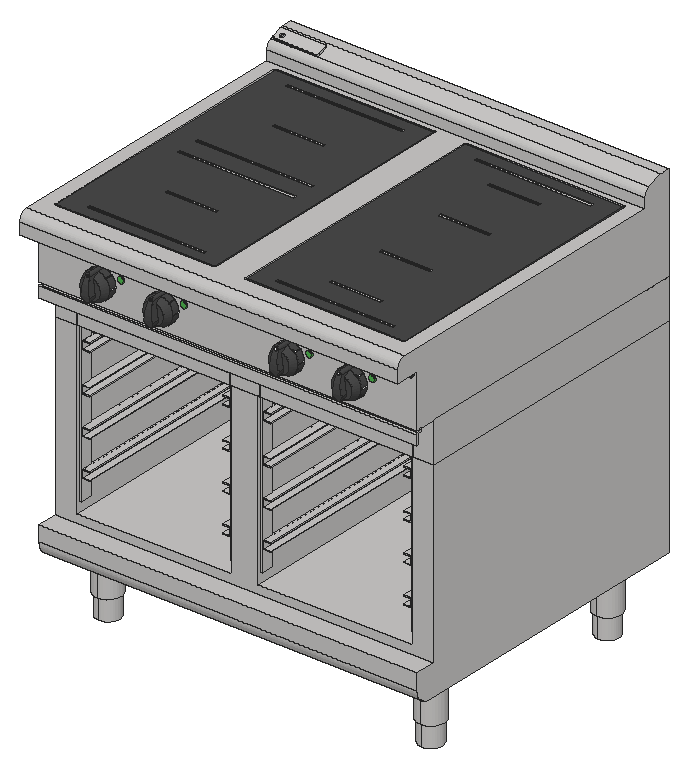
Revit family "QF_Moffat_INL8400R5F-CB_Induction Cooktop_cat", category Specialty Equipment, Revit 2019
Family settings
  Round Connector Dimension = Use Diameter
  Part Type = Normal
  Work Plane-Based = No
  Always vertical = Yes
  Cut with Voids When Loaded = No
  Shared = No
  Room Calculation Point = No
Parameters (values of type "IN511F-B")
  Weight in Kilograms = 105
  Watts = 20 W
  Volts = 400 V
  URL Cutsheet = ""
  Specification by User = ""
  Specification by Manufacturer = ""
  Show Logo [instance] = yes
  Serial Number = ""
  Seismic Rating = ""
  SMACNA No = ""
  Revision Code = ""
  Phase = 3
  Number of Poles = 1
  NAFEM Spec ID Number = ""
  Model = "INL8400R5F-CB"
  Min Ckt Ampacity = 0 A
  Max Overcurrent Protection = 0 A
  Masterspec = ""
  Manufacturer = "Moffat"
  Length = 900 mm
  Item Number = ""
  Installed By = ""
  Identify Quantity as Lot = yes
  Height = 970 mm
  HP = ""
  Furnished By = ""
  Foodservice Equipment Identifier = yes
  FL Amps = 28 A
  Electrical Remarks = ""
  Electric Connection Type = ""
  Elec Conn RI Height = 0 mm
  Elec Conn Connection Height = 0 mm
  Description = "Induction Cooktop"
  Depth = 805 mm
  Cycle = 50 Hz
  Conn Plug = ""
  Conn Conduit = yes
  CSI MasterFormat = ""
  Apparent Power = if(Phase = 3, Volts * FL Amps * 1.73, Volts * FL Amps)  # 19376 VA
Reference planes
  plane 1 "BACK": y = 0
  plane 2: z = 0
  plane 3 "LEFT": x = 0
  plane 4 "RIGHT": x = 900
  plane 5 "FRONT": y = -805
  plane 6 "TOP": z = 970
  plane 7 "Center Y": x = 450
  plane 8 "Center X": y = -402.5
  plane 9: x = 65.5
  plane 10: x = 834.5
  plane 11: y = -30
  plane 12: z = 150
  plane 13: y = -100
  plane 14: y = -625
  plane 15: y = -70
  plane 16: z = 915
  plane 17: x = 770
Forms (mm)
  Extrusion 1, solid, material "QF_Metal_Stainless_Polished"
    sketch origin (0, 0, 560) x (0, 1, 0) y (0, 0, 1)
      loop
        line (0, 180) -> (0, 410) -> (-24.305, 410) -> (-57.632, 395.853)
        arc (-57.632, 395.853) -> (-66.628, 388.372) -> (-70, 377.167) r 20.3
        line (-70, 377.167) -> (-70, 355) -> (-784.417, 355)
        arc (-784.417, 355) -> (-798.971, 348.971) -> (-805, 334.417) r 20.583
        line (-805, 334.417) -> (-805, 305) -> (-749, 305) -> (-749, 180) -> (0, 180)
    from 0 to 900
  Extrusion 2, void
    sketch origin (0, -784.171, 915) x (0, 1, 0) y (-1, 0, 0)
      loop
        arc (699.341, -37.323) -> (697.584, -33.08) -> (693.341, -31.323) r 6
        line (693.341, -31.323) -> (45.245, -31.323)
        arc (45.245, -31.323) -> (41.002, -33.08) -> (39.245, -37.323) r 6
        line (39.245, -37.323) -> (39.245, -410.105)
        arc (39.245, -410.105) -> (41.002, -414.347) -> (45.245, -416.105) r 6
        line (45.245, -416.105) -> (693.341, -416.105)
        arc (693.341, -416.105) -> (697.584, -414.347) -> (699.341, -410.105) r 6
        line (699.341, -410.105) -> (699.341, -37.323)
      loop
        line (699.341, -862.677) -> (699.341, -489.895)
        arc (699.341, -489.895) -> (697.584, -485.653) -> (693.341, -483.895) r 6
        line (693.341, -483.895) -> (45.245, -483.895)
        arc (45.245, -483.895) -> (41.002, -485.653) -> (39.245, -489.895) r 6
        line (39.245, -489.895) -> (39.245, -862.677)
        arc (39.245, -862.677) -> (41.002, -866.92) -> (45.245, -868.677) r 6
        line (45.245, -868.677) -> (693.341, -868.677)
        arc (693.341, -868.677) -> (697.584, -866.92) -> (699.341, -862.677) r 6
    from 0 to -9.5
  Extrusion 3, solid, material "QF_Plastic_Black_Smooth"
    sketch origin (0, -784.171, 915) x (0, 1, 0) y (-1, 0, 0)
      loop
        line (695.341, -410.105) -> (695.341, -37.323)
        arc (695.341, -37.323) -> (694.755, -35.908) -> (693.341, -35.323) r 2
        line (693.341, -35.323) -> (45.245, -35.323)
        arc (45.245, -35.323) -> (43.831, -35.908) -> (43.245, -37.323) r 2
        line (43.245, -37.323) -> (43.245, -410.105)
        arc (43.245, -410.105) -> (43.831, -411.519) -> (45.245, -412.105) r 2
        line (45.245, -412.105) -> (693.341, -412.105)
        arc (693.341, -412.105) -> (694.755, -411.519) -> (695.341, -410.105) r 2
      loop
        line (667.194, -86.598) -> (661.194, -86.598) -> (661.194, -363.75) -> (667.194, -363.75) -> (667.194, -86.598)
      loop
        line (526.611, -163.924) -> (526.611, -283.924) -> (532.611, -283.924) -> (532.611, -163.924) -> (526.611, -163.924)
      loop
        line (398.444, -86.598) -> (392.444, -86.598) -> (392.444, -363.75) -> (398.444, -363.75) -> (398.444, -86.598)
      loop
        line (345.944, -86.598) -> (339.944, -86.598) -> (339.944, -363.75) -> (345.944, -363.75) -> (345.944, -86.598)
      loop
        line (206.611, -163.924) -> (206.611, -283.924) -> (212.611, -283.924) -> (212.611, -163.924) -> (206.611, -163.924)
      loop
        line (77.194, -86.598) -> (71.194, -86.598) -> (71.194, -363.75) -> (77.194, -363.75) -> (77.194, -86.598)
      loop
        arc (695.341, -489.895) -> (694.755, -488.481) -> (693.341, -487.895) r 2
        line (693.341, -487.895) -> (45.245, -487.895)
        arc (45.245, -487.895) -> (43.831, -488.481) -> (43.245, -489.895) r 2
        line (43.245, -489.895) -> (43.245, -862.677)
        arc (43.245, -862.677) -> (43.831, -864.092) -> (45.245, -864.677) r 2
        line (45.245, -864.677) -> (693.341, -864.677)
        arc (693.341, -864.677) -> (694.755, -864.092) -> (695.341, -862.677) r 2
        line (695.341, -862.677) -> (695.341, -489.895)
      loop
        line (667.194, -813.402) -> (667.194, -536.25) -> (661.194, -536.25) -> (661.194, -813.402) -> (667.194, -813.402)
      loop
        line (601.611, -736.076) -> (607.611, -736.076) -> (607.611, -616.076) -> (601.611, -616.076) -> (601.611, -736.076)
      loop
        line (279.111, -736.076) -> (285.111, -736.076) -> (285.111, -616.076) -> (279.111, -616.076) -> (279.111, -736.076)
      loop
        line (77.194, -813.402) -> (77.194, -536.25) -> (71.194, -536.25) -> (71.194, -813.402) -> (77.194, -813.402)
      loop
        line (454.501, -736.076) -> (460.501, -736.076) -> (460.501, -616.076) -> (454.501, -616.076) -> (454.501, -736.076)
      loop
        line (131.211, -736.076) -> (137.211, -736.076) -> (137.211, -616.076) -> (131.211, -616.076) -> (131.211, -736.076)
    from 0 to -9.5
  Extrusion 4, solid, material "QF_Metal_Stainless_Polished"
    sketch origin (0, 0, 600) x (0, 1, 0) y (0, 0, 1)
      loop
        line (-739.467, 140) -> (-738.192, 134.838)
        arc (-738.192, 134.838) -> (-738.307, 134.302) -> (-738.799, 134.063) r 0.625
        line (-738.799, 134.063) -> (-746.111, 134.063)
        arc (-746.111, 134.063) -> (-748.011, 133.276) -> (-748.797, 131.377) r 2.686
        line (-748.797, 131.377) -> (-748.797, 107.627) -> (-747.197, 107.627) -> (-747.197, 131.242)
        arc (-747.197, 131.242) -> (-746.84, 132.105) -> (-745.976, 132.463) r 1.221
        line (-745.976, 132.463) -> (-738.755, 132.463)
        arc (-738.755, 132.463) -> (-737.028, 133.304) -> (-736.625, 135.182) r 2.194
        line (-736.625, 135.182) -> (-737.815, 140) -> (-739.467, 140)
    from 0 to 900
  Extrusion 5, solid, material "QF_Plastic_Black_Smooth"
    sketch origin (0, -749, 741.875) x (0, 0, 1) y (-1, 0, 0)
      loop
        circle (112.843, -13.157) r 5
      loop
        circle (112.843, -886.843) r 5
    from 0 to 1.6
  Extrusion 6, solid, material "QF_Metal_Stainless_Polished"
    sketch origin (450, -699, 645) x (0, 1, 0) y (1, 0, 0)
      loop
        circle (669, 320) r 6.35
    from 0 to 10
  Extrusion 7, solid, material "QF_Metal_Stainless_Polished"
    sketch origin (0, -699, 645) x (1, 0, 0) y (0, -1, 0)
      loop
        line (0, -699) -> (900, -699) -> (900, 0) -> (849.2, 0) -> (849.2, -25.4) -> (485.8, -25.4) -> (485.8, 0) -> (414.2, 0) -> (414.2, -25.4) -> (50.8, -25.4) -> (50.8, 0) -> (0, 0) -> (0, -699)
    from 0 to -95
  Extrusion 8, solid, material "QF_Metal_Stainless_Polished"
    sketch origin (50.8, -30, 645) x (0, 1, 0) y (0, 0, 1)
      loop
        line (-669, 0) -> (-643.6, 0) -> (-643.6, 26.45) -> (-669, 26.45) -> (-669, 0)
      loop
        line (-669, 32.45) -> (-643.6, 32.45) -> (-643.6, 66.4) -> (-669, 66.4) -> (-669, 32.45)
      loop
        line (-669, 67.4) -> (-643.6, 67.4) -> (-643.6, 95) -> (-669, 95) -> (-669, 67.4)
    from 0 to 363.4
  Extrusion 9, solid, material "QF_Metal_Stainless_Polished"
    sketch origin (900, 0, 560) x (-1, 0, 0) y (0, -1, 0)
      loop
        line (536.25, 122.976) -> (536.25, 116.976) -> (813.402, 116.976) -> (813.402, 122.976) -> (536.25, 122.976)
      loop
        line (736.076, 251.56) -> (736.076, 257.56) -> (616.076, 257.56) -> (616.076, 251.56) -> (736.076, 251.56)
      loop
        line (813.402, 385.726) -> (813.402, 391.726) -> (536.25, 391.726) -> (536.25, 385.726) -> (813.402, 385.726)
      loop
        line (813.402, 438.226) -> (813.402, 444.226) -> (536.25, 444.226) -> (536.25, 438.226) -> (813.402, 438.226)
      loop
        line (736.076, 571.56) -> (736.076, 577.56) -> (616.076, 577.56) -> (616.076, 571.56) -> (736.076, 571.56)
      loop
        line (536.25, 712.976) -> (536.25, 706.976) -> (813.402, 706.976) -> (813.402, 712.976) -> (536.25, 712.976)
      loop
        line (86.598, 712.976) -> (86.598, 706.976) -> (363.75, 706.976) -> (363.75, 712.976) -> (86.598, 712.976)
      loop
        line (163.924, 652.959) -> (163.924, 646.959) -> (283.924, 646.959) -> (283.924, 652.959) -> (163.924, 652.959)
      loop
        line (163.924, 505.06) -> (163.924, 499.06) -> (283.924, 499.06) -> (283.924, 505.06) -> (163.924, 505.06)
      loop
        line (163.924, 329.669) -> (163.924, 323.669) -> (283.924, 323.669) -> (283.924, 329.669) -> (163.924, 329.669)
      loop
        line (163.924, 182.56) -> (163.924, 176.56) -> (283.924, 176.56) -> (283.924, 182.56) -> (163.924, 182.56)
      loop
        line (86.598, 122.976) -> (86.598, 116.976) -> (363.75, 116.976) -> (363.75, 122.976) -> (86.598, 122.976)
    from 355 to 345.5
  Extrusion 10, solid, material "QF_Paint_Green"
    sketch origin (63.231, -748.999, 713.75) x (0, 0, 1) y (-1, 0, 0)
      loop
        circle (100.3, -282.5) r 7.15
    from 0 to 1.6
  Extrusion 11, solid, material "QF_Plastic_Black_Smooth"
    sketch origin (75, -748.999, 725.625) x (0, 0, 1) y (-1, 0, 0)
      loop
        circle (112.843, -225) r 5
    from 0 to 1.6
  Extrusion 12, solid, material "QF_Paint_Green"
    sketch origin (-86.769, -748.999, 713.75) x (0, 0, 1) y (-1, 0, 0)
      loop
        circle (100.3, -282.5) r 7.15
    from 0 to 1.6
  Extrusion 13, solid, material "QF_Plastic_Black_Smooth"
    sketch origin (-75, -748.999, 725.625) x (0, 0, 1) y (-1, 0, 0)
      loop
        circle (112.843, -225) r 5
    from 0 to 1.6
  Extrusion 14, solid, material "QF_Paint_Green"
    sketch origin (511.981, -748.999, 713.75) x (0, 0, 1) y (-1, 0, 0)
      loop
        circle (100.3, -282.5) r 7.15
    from 0 to 1.6
  Extrusion 15, solid, material "QF_Plastic_Black_Smooth"
    sketch origin (523.75, -748.999, 725.625) x (0, 0, 1) y (-1, 0, 0)
      loop
        circle (112.843, -225) r 5
    from 0 to 1.6
  Extrusion 16, solid, material "QF_Paint_Green"
    sketch origin (361.981, -748.999, 713.75) x (0, 0, 1) y (-1, 0, 0)
      loop
        circle (100.3, -282.5) r 7.15
    from 0 to 1.6
  Extrusion 17, solid, material "QF_Plastic_Black_Smooth"
    sketch origin (373.75, -748.999, 725.625) x (0, 0, 1) y (-1, 0, 0)
      loop
        circle (112.843, -225) r 5
    from 0 to 1.6
  Extrusion 18, solid, material "QF_Metal_Stainless_Polished"
    sketch origin (849.2, -30, 645) x (0, 1, 0) y (0, 0, -1)
      loop
        line (-669, 0) -> (-669, -26.45) -> (-643.6, -26.45) -> (-643.6, 0) -> (-669, 0)
      loop
        line (-669, -32.45) -> (-669, -66.4) -> (-643.6, -66.4) -> (-643.6, -32.45) -> (-669, -32.45)
      loop
        line (-669, -67.4) -> (-669, -95) -> (-643.6, -95) -> (-643.6, -67.4) -> (-669, -67.4)
    from 0 to 363.4
Cuts and joins
  Extrusion 2 cuts Extrusion 1
Lines and regions (mm)
  symbolic lines
    curve 1: line (0, 0, 0) -> (900, 0, 0)
    curve 2: line (0, -805, 0) -> (0, 0, 0)
    curve 3: line (900, -805, 0) -> (0, -805, 0)
    curve 4: line (900, 0, 0) -> (900, -805, 0)
    curve 5: line (0, -18.182, 0) -> (900, -18.182, 0)
    curve 6: line (0, -70, 0) -> (450, -70, 0)
    curve 7: line (37.323, -84.83, 0) -> (410.105, -84.83, 0)
    curve 8: arc (410.105, -84.83, 0) -> (414.347, -86.587, 0) -> (416.105, -90.83, 0) r 6
    curve 9: line (416.105, -90.83, 0) -> (416.105, -738.926, 0)
    curve 10: arc (416.105, -738.926, 0) -> (414.347, -743.168, 0) -> (410.105, -744.926, 0) r 6
    curve 11: line (410.105, -744.926, 0) -> (37.323, -744.926, 0)
    curve 12: arc (37.323, -744.926, 0) -> (33.08, -743.168, 0) -> (31.323, -738.926, 0) r 6
    curve 13: line (31.323, -738.926, 0) -> (31.323, -90.83, 0)
    curve 14: arc (31.323, -90.83, 0) -> (33.08, -86.587, 0) -> (37.323, -84.83, 0) r 6
    curve 15: line (410.105, -88.83, 0) -> (37.323, -88.83, 0)
    curve 16: arc (37.323, -88.83, 0) -> (35.908, -89.415, 0) -> (35.323, -90.83, 0) r 2
    curve 17: line (35.323, -90.83, 0) -> (35.323, -738.926, 0)
    curve 18: arc (35.323, -738.926, 0) -> (35.908, -740.34, 0) -> (37.323, -740.926, 0) r 2
    curve 19: line (37.323, -740.926, 0) -> (410.105, -740.926, 0)
    curve 20: arc (410.105, -740.926, 0) -> (411.519, -740.34, 0) -> (412.105, -738.926, 0) r 2
    curve 21: line (412.105, -738.926, 0) -> (412.105, -90.83, 0)
    curve 22: arc (412.105, -90.83, 0) -> (411.519, -89.415, 0) -> (410.105, -88.83, 0) r 2
    curve 23: line (416.105, -738.926, 0) -> (416.105, -90.83, 0)
    curve 24: line (412.105, -90.83, 0) -> (412.105, -738.926, 0)
    curve 25: line (862.677, -84.83, 0) -> (489.895, -84.83, 0)
    curve 26: arc (489.895, -84.83, 0) -> (485.653, -86.587, 0) -> (483.895, -90.83, 0) r 6
    curve 27: arc (483.895, -738.926, 0) -> (485.653, -743.168, 0) -> (489.895, -744.926, 0) r 6
    curve 28: line (489.895, -744.926, 0) -> (862.677, -744.926, 0)
    curve 29: arc (862.677, -744.926, 0) -> (866.92, -743.168, 0) -> (868.677, -738.926, 0) r 6
    curve 30: line (868.677, -738.926, 0) -> (868.677, -90.83, 0)
    curve 31: arc (868.677, -90.83, 0) -> (866.92, -86.587, 0) -> (862.677, -84.83, 0) r 6
    curve 32: line (489.895, -88.83, 0) -> (862.677, -88.83, 0)
    curve 33: arc (862.677, -88.83, 0) -> (864.092, -89.415, 0) -> (864.677, -90.83, 0) r 2
    curve 34: line (864.677, -90.83, 0) -> (864.677, -738.926, 0)
    curve 35: arc (864.677, -738.926, 0) -> (864.092, -740.34, 0) -> (862.677, -740.926, 0) r 2
    curve 36: line (862.677, -740.926, 0) -> (489.895, -740.926, 0)
    curve 37: arc (489.895, -740.926, 0) -> (488.481, -740.34, 0) -> (487.895, -738.926, 0) r 2
    curve 38: arc (487.895, -90.83, 0) -> (488.481, -89.415, 0) -> (489.895, -88.83, 0) r 2
    curve 39: line (487.895, -90.83, 0) -> (487.895, -738.926, 0)
    curve 40: arc (487.895, -738.926, 0) -> (488.481, -740.34, 0) -> (489.895, -740.926, 0) r 2
    curve 41: line (489.895, -740.926, 0) -> (862.677, -740.926, 0)
    curve 42: arc (862.677, -740.926, 0) -> (864.092, -740.34, 0) -> (864.677, -738.926, 0) r 2
    curve 43: line (864.677, -738.926, 0) -> (864.677, -90.83, 0)
    curve 44: arc (864.677, -90.83, 0) -> (864.092, -89.415, 0) -> (862.677, -88.83, 0) r 2
    curve 45: line (862.677, -88.83, 0) -> (489.895, -88.83, 0)
    curve 46: arc (489.895, -88.83, 0) -> (488.481, -89.415, 0) -> (487.895, -90.83, 0) r 2
    curve 47: line (483.895, -90.83, 0) -> (483.895, -738.926, 0)
    curve 48: arc (483.895, -738.926, 0) -> (485.653, -743.168, 0) -> (489.895, -744.926, 0) r 6
    curve 49: line (489.895, -744.926, 0) -> (862.677, -744.926, 0)
    curve 50: arc (862.677, -744.926, 0) -> (866.92, -743.168, 0) -> (868.677, -738.926, 0) r 6
    curve 51: line (868.677, -738.926, 0) -> (868.677, -90.83, 0)
    curve 52: arc (868.677, -90.83, 0) -> (866.92, -86.587, 0) -> (862.677, -84.83, 0) r 6
    curve 53: line (862.677, -84.83, 0) -> (489.895, -84.83, 0)
    curve 54: arc (489.895, -84.83, 0) -> (485.653, -86.587, 0) -> (483.895, -90.83, 0) r 6
    curve 55: line (86.598, -122.976, 0) -> (363.75, -122.976, 0)
    curve 56: line (363.75, -122.976, 0) -> (363.75, -116.976, 0)
    curve 57: line (363.75, -116.976, 0) -> (86.598, -116.976, 0)
    curve 58: line (86.598, -116.976, 0) -> (86.598, -122.976, 0)
    curve 59: line (283.924, -251.56, 0) -> (163.924, -251.56, 0)
    curve 60: line (163.924, -251.56, 0) -> (163.924, -257.56, 0)
    curve 61: line (163.924, -257.56, 0) -> (283.924, -257.56, 0)
    curve 62: line (283.924, -257.56, 0) -> (283.924, -251.56, 0)
    curve 63: line (536.25, -122.976, 0) -> (813.402, -122.976, 0)
    curve 64: line (813.402, -122.976, 0) -> (813.402, -116.976, 0)
    curve 65: line (813.402, -116.976, 0) -> (536.25, -116.976, 0)
    curve 66: line (536.25, -116.976, 0) -> (536.25, -122.976, 0)
    curve 67: line (736.076, -176.56, 0) -> (616.076, -176.56, 0)
    curve 68: line (616.076, -176.56, 0) -> (616.076, -182.56, 0)
    curve 69: line (616.076, -182.56, 0) -> (736.076, -182.56, 0)
    curve 70: line (736.076, -182.56, 0) -> (736.076, -176.56, 0)
    curve 71: line (736.076, -323.669, 0) -> (616.076, -323.669, 0)
    curve 72: line (616.076, -323.669, 0) -> (616.076, -329.669, 0)
    curve 73: line (616.076, -329.669, 0) -> (736.076, -329.669, 0)
    curve 74: line (736.076, -329.669, 0) -> (736.076, -323.669, 0)
    curve 75: line (736.076, -499.06, 0) -> (616.076, -499.06, 0)
    curve 76: line (616.076, -499.06, 0) -> (616.076, -505.06, 0)
    curve 77: line (616.076, -505.06, 0) -> (736.076, -505.06, 0)
    curve 78: line (736.076, -505.06, 0) -> (736.076, -499.06, 0)
    curve 79: line (736.076, -646.959, 0) -> (616.076, -646.959, 0)
    curve 80: line (616.076, -646.959, 0) -> (616.076, -652.959, 0)
    curve 81: line (616.076, -652.959, 0) -> (736.076, -652.959, 0)
    curve 82: line (736.076, -652.959, 0) -> (736.076, -646.959, 0)
    curve 83: line (813.402, -706.976, 0) -> (536.25, -706.976, 0)
    curve 84: line (536.25, -706.976, 0) -> (536.25, -712.976, 0)
    curve 85: line (536.25, -712.976, 0) -> (813.402, -712.976, 0)
    curve 86: line (813.402, -712.976, 0) -> (813.402, -706.976, 0)
    curve 87: line (86.598, -712.976, 0) -> (363.75, -712.976, 0)
    curve 88: line (363.75, -712.976, 0) -> (363.75, -706.976, 0)
    curve 89: line (363.75, -706.976, 0) -> (86.598, -706.976, 0)
    curve 90: line (86.598, -706.976, 0) -> (86.598, -712.976, 0)
    curve 91: line (283.924, -577.56, 0) -> (163.924, -577.56, 0)
    curve 92: line (163.924, -577.56, 0) -> (163.924, -571.56, 0)
    curve 93: line (163.924, -571.56, 0) -> (283.924, -571.56, 0)
    curve 94: line (283.924, -571.56, 0) -> (283.924, -577.56, 0)
    curve 95: line (86.598, -444.226, 0) -> (363.75, -444.226, 0)
    curve 96: line (363.75, -444.226, 0) -> (363.75, -438.226, 0)
    curve 97: line (363.75, -438.226, 0) -> (86.598, -438.226, 0)
    curve 98: line (86.598, -438.226, 0) -> (86.598, -444.226, 0)
    curve 99: line (86.598, -391.726, 0) -> (363.75, -391.726, 0)
    curve 100: line (363.75, -391.726, 0) -> (363.75, -385.726, 0)
    curve 101: line (363.75, -385.726, 0) -> (86.598, -385.726, 0)
    curve 102: line (86.598, -385.726, 0) -> (86.598, -391.726, 0)
    curve 103: line (0, 0, 560) -> (900, 0, 560)
    curve 104: line (0, -805, 560) -> (0, 0, 560)
    curve 105: line (900, -805, 560) -> (0, -805, 560)
    curve 106: line (900, 0, 560) -> (900, -805, 560)
    curve 107: line (0, -18.182, 560) -> (900, -18.182, 560)
    curve 108: line (0, -70, 560) -> (450, -70, 560)
    curve 109: line (416.105, -90.83, 560) -> (416.105, -738.926, 560)
    curve 110: line (412.105, -738.926, 560) -> (412.105, -90.83, 560)
    curve 111: line (416.105, -738.926, 560) -> (416.105, -90.83, 560)
    curve 112: line (412.105, -90.83, 560) -> (412.105, -738.926, 560)
    curve 113: line (862.677, -84.83, 560) -> (489.895, -84.83, 560)
    curve 114: arc (483.895, -738.926, 560) -> (485.653, -743.168, 560) -> (489.895, -744.926, 560) r 6
    curve 115: line (489.895, -744.926, 560) -> (862.677, -744.926, 560)
    curve 116: arc (862.677, -744.926, 560) -> (866.92, -743.168, 560) -> (868.677, -738.926, 560) r 6
    curve 117: arc (864.677, -738.926, 560) -> (864.092, -740.34, 560) -> (862.677, -740.926, 560) r 2
    curve 118: line (862.677, -740.926, 560) -> (489.895, -740.926, 560)
    curve 119: arc (489.895, -740.926, 560) -> (488.481, -740.34, 560) -> (487.895, -738.926, 560) r 2
    curve 120: arc (487.895, -738.926, 560) -> (488.481, -740.34, 560) -> (489.895, -740.926, 560) r 2
    curve 121: line (489.895, -740.926, 560) -> (862.677, -740.926, 560)
    curve 122: arc (862.677, -740.926, 560) -> (864.092, -740.34, 560) -> (864.677, -738.926, 560) r 2
    curve 123: arc (483.895, -738.926, 560) -> (485.653, -743.168, 560) -> (489.895, -744.926, 560) r 6
    curve 124: line (489.895, -744.926, 560) -> (862.677, -744.926, 560)
    curve 125: arc (862.677, -744.926, 560) -> (866.92, -743.168, 560) -> (868.677, -738.926, 560) r 6
    curve 126: line (86.598, -122.976, 560) -> (363.75, -122.976, 560)
    curve 127: line (363.75, -122.976, 560) -> (363.75, -116.976, 560)
    curve 128: line (363.75, -116.976, 560) -> (86.598, -116.976, 560)
    curve 129: line (86.598, -116.976, 560) -> (86.598, -122.976, 560)
    curve 130: line (283.924, -251.56, 560) -> (163.924, -251.56, 560)
    curve 131: line (163.924, -251.56, 560) -> (163.924, -257.56, 560)
    curve 132: line (163.924, -257.56, 560) -> (283.924, -257.56, 560)
    curve 133: line (283.924, -257.56, 560) -> (283.924, -251.56, 560)
    curve 134: line (536.25, -122.976, 560) -> (813.402, -122.976, 560)
    curve 135: line (813.402, -122.976, 560) -> (813.402, -116.976, 560)
    curve 136: line (813.402, -116.976, 560) -> (536.25, -116.976, 560)
    curve 137: line (536.25, -116.976, 560) -> (536.25, -122.976, 560)
    curve 138: line (736.076, -176.56, 560) -> (616.076, -176.56, 560)
    curve 139: line (616.076, -176.56, 560) -> (616.076, -182.56, 560)
    curve 140: line (616.076, -182.56, 560) -> (736.076, -182.56, 560)
    curve 141: line (736.076, -182.56, 560) -> (736.076, -176.56, 560)
    curve 142: line (736.076, -323.669, 560) -> (616.076, -323.669, 560)
    curve 143: line (616.076, -323.669, 560) -> (616.076, -329.669, 560)
    curve 144: line (616.076, -329.669, 560) -> (736.076, -329.669, 560)
    curve 145: line (736.076, -329.669, 560) -> (736.076, -323.669, 560)
    curve 146: line (736.076, -499.06, 560) -> (616.076, -499.06, 560)
    curve 147: line (616.076, -499.06, 560) -> (616.076, -505.06, 560)
    curve 148: line (616.076, -505.06, 560) -> (736.076, -505.06, 560)
    curve 149: line (736.076, -505.06, 560) -> (736.076, -499.06, 560)
    curve 150: line (736.076, -646.959, 560) -> (616.076, -646.959, 560)
    curve 151: line (616.076, -646.959, 560) -> (616.076, -652.959, 560)
    curve 152: line (616.076, -652.959, 560) -> (736.076, -652.959, 560)
    curve 153: line (736.076, -652.959, 560) -> (736.076, -646.959, 560)
    curve 154: line (813.402, -706.976, 560) -> (536.25, -706.976, 560)
    curve 155: line (536.25, -706.976, 560) -> (536.25, -712.976, 560)
    curve 156: line (536.25, -712.976, 560) -> (813.402, -712.976, 560)
    curve 157: line (813.402, -712.976, 560) -> (813.402, -706.976, 560)
    curve 158: line (86.598, -712.976, 560) -> (363.75, -712.976, 560)
    curve 159: line (363.75, -712.976, 560) -> (363.75, -706.976, 560)
    curve 160: line (363.75, -706.976, 560) -> (86.598, -706.976, 560)
    curve 161: line (86.598, -706.976, 560) -> (86.598, -712.976, 560)
    curve 162: line (283.924, -577.56, 560) -> (163.924, -577.56, 560)
    curve 163: line (163.924, -577.56, 560) -> (163.924, -571.56, 560)
    curve 164: line (163.924, -571.56, 560) -> (283.924, -571.56, 560)
    curve 165: line (283.924, -571.56, 560) -> (283.924, -577.56, 560)
    curve 166: line (86.598, -444.226, 560) -> (363.75, -444.226, 560)
    curve 167: line (363.75, -444.226, 560) -> (363.75, -438.226, 560)
    curve 168: line (363.75, -438.226, 560) -> (86.598, -438.226, 560)
    curve 169: line (86.598, -438.226, 560) -> (86.598, -444.226, 560)
    curve 170: line (86.598, -391.726, 560) -> (363.75, -391.726, 560)
    curve 171: line (363.75, -391.726, 560) -> (363.75, -385.726, 560)
    curve 172: line (363.75, -385.726, 560) -> (86.598, -385.726, 560)
    curve 173: line (86.598, -385.726, 560) -> (86.598, -391.726, 560)
Dimensions and locks
  equal spacing: plane 3 "LEFT", plane 7 "Center Y", plane 4 "RIGHT"
  "Length": plane 3 "LEFT" to plane 4 "RIGHT"
  equal spacing: plane 5 "FRONT", plane 8 "Center X", plane 1 "BACK"
  "Depth": plane 5 "FRONT" to plane 1 "BACK"
  "Height": plane 6 "TOP" to level
  plane 9 to plane 10 = 769 mm
  plane 4 "RIGHT" to plane 3 "LEFT" = 900 mm
  plane 6 "TOP" to plane 2 = 970 mm
  plane 1 "BACK" to plane 11 = 30 mm
  plane 1 "BACK" to plane 13 to plane 14 = 100 mm, 525 mm
  plane 1 "BACK" to plane 15 = 70 mm
  plane 16 to level = 915 mm  (x2)
  level to plane 12 = 150 mm
  plane 12 to level = 150 mm
  plane 4 "RIGHT" to plane 17 = 130 mm
  plane 1 "BACK" to plane 5 "FRONT" = 805 mm
  locked: plane 10 to plane 4 "RIGHT" at 65.5
  aligned and locked: level to plane 2
  aligned and locked: Extrusion 18 to Extrusion 7  (x2)
Automatic sketch dimensions
  curve 8 to curve 22 = 0 mm  (x2)
  curve 10 to curve 20 = 0 mm  (x2)
  curve 12 to curve 18 = 0 mm  (x2)
  curve 14 to curve 16 = 0 mm  (x2)
  curve 26 to curve 38 = 0 mm  (x2)
  curve 26 to curve 46 = 0 mm  (x2)
  curve 26 to curve 54 = 0 mm  (x2)
  curve 27 to curve 37 = 0 mm  (x2)
  curve 27 to curve 40 = 0 mm  (x2)
  curve 27 to curve 48 = 0 mm  (x2)
  curve 29 to curve 35 = 0 mm  (x2)
  curve 29 to curve 42 = 0 mm  (x2)
  curve 29 to curve 50 = 0 mm  (x2)
  curve 31 to curve 33 = 0 mm  (x2)
  curve 31 to curve 44 = 0 mm  (x2)
  curve 31 to curve 52 = 0 mm  (x2)
  curve 33 to curve 44 = 0 mm  (x2)
  curve 33 to curve 52 = 0 mm  (x2)
  curve 35 to curve 42 = 0 mm  (x2)
  curve 35 to curve 50 = 0 mm  (x2)
  curve 37 to curve 40 = 0 mm  (x2)
  curve 37 to curve 48 = 0 mm  (x2)
  curve 38 to curve 46 = 0 mm  (x2)
  curve 38 to curve 54 = 0 mm  (x2)
  curve 40 to curve 48 = 0 mm  (x2)
  curve 42 to curve 50 = 0 mm  (x2)
  curve 44 to curve 52 = 0 mm  (x2)
  curve 46 to curve 54 = 0 mm  (x2)
  plane 1 "BACK" to curve 1 = 0 mm
  curve 1 to plane 3 "LEFT" = 0 mm
  curve 6 to plane 7 "Center Y" = 0 mm
  curve 5 to plane 4 "RIGHT" = 0 mm
  plane 5 "FRONT" to curve 3 = 0 mm
  plane 15 to curve 6 = 0 mm
  plane 3 "LEFT" to curve 13 = 31.323 mm
  curve 13 to curve 17 = 4 mm
  curve 17 to curve 16 = 2 mm
  curve 17 to curve 18 = 2 mm
  curve 102 to plane 9 = 21.098 mm
  curve 57 to plane 9 = 21.098 mm
  curve 87 to plane 9 = 21.098 mm
  curve 95 to plane 9 = 21.098 mm
  curve 91 to plane 14 = 47.44 mm
  curve 91 to plane 9 = 98.424 mm
  curve 60 to plane 9 = 98.424 mm
  curve 60 to curve 61 = 120 mm
  curve 93 to plane 14 = 53.44 mm
  curve 92 to curve 93 = 120 mm
  curve 96 to plane 8 "Center X" = 41.726 mm
  curve 96 to plane 7 "Center Y" = 86.25 mm
  plane 8 "Center X" to curve 99 = 10.774 mm
  curve 99 to curve 96 = 0 mm
  plane 13 to curve 56 = 16.976 mm
  curve 56 to plane 7 "Center Y" = 86.25 mm
  curve 89 to plane 7 "Center Y" = 86.25 mm
  curve 8 to plane 13 = 9.17 mm
  curve 8 to plane 7 "Center Y" = 39.895 mm
  curve 10 to plane 7 "Center Y" = 39.895 mm
  curve 8 to curve 21 = 2 mm
  plane 7 "Center Y" to curve 47 = 33.895 mm
  curve 27 to curve 39 = 4 mm
  curve 38 to curve 46 = 2 mm
  curve 37 to curve 36 = 2 mm
  plane 13 to curve 66 = 22.976 mm
  curve 26 to curve 66 = 46.355 mm
  curve 27 to curve 85 = 46.355 mm
  curve 63 to curve 67 = 79.826 mm
  curve 77 to plane 17 = 153.924 mm
  plane 14 to curve 80 = 21.959 mm
  curve 83 to curve 80 = 79.826 mm
  plane 8 "Center X" to curve 73 = 72.831 mm
  curve 73 to curve 68 = 0 mm
  curve 77 to plane 17 = 33.924 mm
  curve 67 to plane 17 = 33.924 mm
  curve 71 to plane 17 = 33.924 mm
  curve 79 to plane 17 = 33.924 mm
  plane 10 to curve 63 = 21.098 mm
  plane 10 to curve 85 = 21.098 mm
  curve 42 to plane 10 = 28.177 mm
  curve 32 to plane 13 = 11.17 mm
  curve 32 to plane 10 = 28.177 mm
  curve 31 to curve 34 = 2 mm
  curve 49 to plane 5 "FRONT" = 60.074 mm
  curve 11 to plane 5 "FRONT" = 60.074 mm
  curve 27 to curve 84 = 25.949 mm
  curve 10 to curve 87 = 25.949 mm
  curve 85 to curve 83 = 6 mm
  curve 87 to curve 90 = 6 mm
  curve 81 to curve 79 = 6 mm
  curve 78 to plane 8 "Center X" = 102.56 mm
  curve 77 to curve 75 = 6 mm
  curve 95 to curve 98 = 6 mm
  curve 99 to curve 100 = 6 mm
  curve 73 to curve 74 = 6 mm
  plane 8 "Center X" to curve 62 = 144.94 mm
  curve 61 to curve 62 = 6 mm
  plane 13 to curve 70 = 82.56 mm
  curve 68 to curve 68 = 6 mm
  curve 58 to curve 57 = 6 mm
  curve 63 to curve 65 = 6 mm
  curve 5 to plane 11 = 11.818 mm
  Extrusion 2 sketch curve to Extrusion 1 = 39.492 mm  (x2)
  Extrusion 2 sketch curve to Extrusion 2 sketch curve = 6 mm  (x6)
  Extrusion 1 to Extrusion 2 sketch curve = 20.83 mm  (x4)
  Extrusion 1 to Extrusion 2 sketch curve = 31.323 mm
  Extrusion 2 sketch curve to Extrusion 2 sketch curve = 372.782 mm
  Extrusion 2 sketch curve to Extrusion 2 sketch curve = 67.791 mm
  Extrusion 1 to Extrusion 2 sketch curve = 37.323 mm
  Extrusion 3 sketch curve to Extrusion 1 = 43.492 mm  (x2)
  Extrusion 3 sketch curve to Extrusion 3 sketch curve = 2 mm  (x6)
  Extrusion 3 sketch curve to Extrusion 3 sketch curve = 25.949 mm  (x2)
  Extrusion 3 sketch curve to Extrusion 3 sketch curve = 6 mm  (x12)
  Extrusion 3 sketch curve to Extrusion 3 sketch curve = 54.017 mm
  Extrusion 3 sketch curve to Extrusion 3 sketch curve = 129.416 mm
  Extrusion 3 sketch curve to Extrusion 3 sketch curve = 141.899 mm
  Extrusion 3 sketch curve to Extrusion 3 sketch curve = 127.334 mm
  Extrusion 3 sketch curve to Extrusion 3 sketch curve = 46.5 mm
  Extrusion 3 sketch curve to Extrusion 3 sketch curve = 169.391 mm
  Extrusion 3 sketch curve to Extrusion 3 sketch curve = 128.166 mm
  Extrusion 1 to Extrusion 3 sketch curve = 112.56 mm
  Extrusion 1 to Extrusion 3 sketch curve = 52.976 mm  (x2)
  Extrusion 1 to Extrusion 3 sketch curve = 20.83 mm  (x4)
  Extrusion 1 to Extrusion 3 sketch curve = 35.323 mm
  Extrusion 3 sketch curve to Extrusion 3 sketch curve = 49.275 mm  (x2)
  Extrusion 3 sketch curve to Extrusion 3 sketch curve = 77.326 mm  (x2)
  Extrusion 1 to Extrusion 3 sketch curve = 163.924 mm
  Extrusion 3 sketch curve to Extrusion 3 sketch curve = 0 mm  (x3)
  Extrusion 3 sketch curve to Extrusion 3 sketch curve = 120 mm  (x6)
  Extrusion 3 sketch curve to Extrusion 3 sketch curve = 79.826 mm  (x4)
  Extrusion 3 sketch curve to Extrusion 3 sketch curve = 46.355 mm  (x3)
  Extrusion 3 sketch curve to Extrusion 3 sketch curve = 75.791 mm
  Extrusion 3 sketch curve to Extrusion 3 sketch curve = 252.326 mm
  Extrusion 1 to Extrusion 3 sketch curve = 86.598 mm  (x3)
  Extrusion 1 to Extrusion 3 sketch curve = 37.323 mm
  Extrusion 4 sketch curve to plane 5 "FRONT" = 56.203 mm
  Extrusion 4 sketch curve to Extrusion 4 sketch curve = 1.6 mm
  Extrusion 4 sketch curve to Extrusion 4 sketch curve = 1.086 mm
  Extrusion 4 sketch curve to Extrusion 4 sketch curve = 0.135 mm  (x2)
  Extrusion 4 sketch curve to Extrusion 4 sketch curve = 6.644 mm
  Extrusion 4 sketch curve to Extrusion 4 sketch curve = 0.668 mm
  Extrusion 4 sketch curve to Extrusion 4 sketch curve = 0.044 mm
  Extrusion 4 sketch curve to Extrusion 4 sketch curve = 0.563 mm
  Extrusion 4 sketch curve to Extrusion 4 sketch curve = 1.652 mm
  Extrusion 4 sketch curve to Extrusion 4 sketch curve = 1.567 mm
  Extrusion 4 sketch curve to plane 16 = 207.373 mm
  Extrusion 4 sketch curve to Extrusion 4 sketch curve = 23.614 mm
  Extrusion 4 sketch curve to Extrusion 4 sketch curve = 0.594 mm
  Extrusion 4 sketch curve to Extrusion 4 sketch curve = 0.032 mm
  Extrusion 4 sketch curve to Extrusion 4 sketch curve = 5.162 mm
  Extrusion 1 to Extrusion 5 sketch curve = 10.282 mm  (x2)
  Extrusion 1 to Extrusion 5 sketch curve = 13.157 mm  (x2)
  Extrusion 7 to Extrusion 6 sketch curve = 30 mm
  Extrusion 6 sketch curve to Extrusion 7 = 79.2 mm
  Extrusion 7 sketch curve to plane 3 "LEFT" = 0 mm
  Extrusion 7 sketch curve to plane 4 "RIGHT" = 0 mm
  plane 1 "BACK" to Extrusion 7 sketch curve = 0 mm
  plane 9 to Extrusion 7 sketch curve = 14.7 mm
  Extrusion 7 sketch curve to plane 7 "Center Y" = 35.8 mm
  plane 7 "Center Y" to Extrusion 7 sketch curve = 35.8 mm
  Extrusion 7 sketch curve to plane 10 = 14.7 mm
  plane 14 to Extrusion 7 sketch curve = 48.6 mm  (x2)
  Extrusion 7 sketch curve to Extrusion 7 sketch curve = 25.4 mm  (x3)
  Extrusion 8 sketch curve to Extrusion 7 = 0 mm  (x8)
  Extrusion 7 to Extrusion 8 sketch curve = 26.45 mm
  Extrusion 8 sketch curve to Extrusion 8 sketch curve = 6 mm
  Extrusion 7 to Extrusion 8 sketch curve = 28.6 mm
  Extrusion 8 sketch curve to Extrusion 8 sketch curve = 1 mm
  Extrusion 9 sketch curve to plane 10 = 21.098 mm  (x2)
  plane 17 to Extrusion 9 sketch curve = 33.924 mm  (x4)
  Extrusion 9 sketch curve to Extrusion 9 sketch curve = 120 mm  (x4)
  Extrusion 9 sketch curve to plane 14 = 21.959 mm
  Extrusion 9 sketch curve to plane 7 "Center Y" = 86.25 mm  (x2)
  Extrusion 9 sketch curve to plane 13 = 16.976 mm
  Extrusion 9 sketch curve to plane 13 = 22.976 mm
  plane 7 "Center Y" to Extrusion 9 sketch curve = 86.25 mm  (x3)
  Extrusion 9 sketch curve to plane 8 "Center X" = 10.774 mm
  Extrusion 9 sketch curve to Extrusion 9 sketch curve = 0 mm
  Extrusion 9 sketch curve to Extrusion 9 sketch curve = 79.826 mm  (x2)
  plane 14 to Extrusion 9 sketch curve = 53.44 mm
  plane 9 to Extrusion 9 sketch curve = 98.424 mm  (x2)
  plane 9 to Extrusion 9 sketch curve = 21.098 mm  (x4)
  Extrusion 9 sketch curve to Extrusion 9 sketch curve = 6 mm  (x12)
  Extrusion 9 sketch curve to plane 14 = 81.976 mm  (x2)
  plane 8 "Center X" to Extrusion 9 sketch curve = 102.56 mm
  plane 8 "Center X" to Extrusion 9 sketch curve = 41.726 mm
  Extrusion 9 sketch curve to plane 8 "Center X" = 72.831 mm
  Extrusion 9 sketch curve to plane 8 "Center X" = 144.94 mm
  Extrusion 9 sketch curve to plane 13 = 82.56 mm
  Extrusion 10 sketch curve to plane 16 = 100.95 mm
  Extrusion 10 sketch curve to plane 7 "Center Y" = 104.269 mm
  Extrusion 11 sketch curve to plane 16 = 76.532 mm
  Extrusion 11 sketch curve to plane 7 "Center Y" = 150 mm
  Extrusion 12 sketch curve to plane 16 = 100.95 mm
  Extrusion 12 sketch curve to plane 9 = 130.231 mm
  Extrusion 13 sketch curve to plane 16 = 76.532 mm
  Extrusion 13 sketch curve to plane 9 = 84.5 mm
  plane 17 to Extrusion 14 sketch curve = 24.481 mm
  Extrusion 14 sketch curve to plane 16 = 100.95 mm
  Extrusion 15 sketch curve to plane 17 = 21.25 mm
  Extrusion 15 sketch curve to plane 16 = 76.532 mm
  Extrusion 16 sketch curve to plane 16 = 100.95 mm
  Extrusion 16 sketch curve to plane 17 = 125.519 mm
  Extrusion 17 sketch curve to plane 16 = 76.532 mm
  plane 7 "Center Y" to Extrusion 17 sketch curve = 148.75 mm
  plane 14 to Extrusion 18 sketch curve = 74 mm
  Extrusion 18 sketch curve to Extrusion 18 sketch curve = 0 mm  (x4)
  Extrusion 18 sketch curve to Extrusion 18 sketch curve = 25.4 mm
  Extrusion 18 sketch curve to plane 16 = 175 mm
  Extrusion 18 sketch curve to Extrusion 18 sketch curve = 27.6 mm
  Extrusion 18 sketch curve to Extrusion 18 sketch curve = 1 mm
  Extrusion 18 sketch curve to Extrusion 18 sketch curve = 33.95 mm
  Extrusion 18 sketch curve to Extrusion 18 sketch curve = 6 mm
  Extrusion 18 sketch curve to Extrusion 18 sketch curve = 26.45 mm
  curve 114 to curve 119 = 0 mm  (x3)
  curve 114 to curve 120 = 0 mm  (x3)
  curve 116 to curve 117 = 0 mm  (x2)
  curve 122 to curve 125 = 0 mm  (x2)
  plane 1 "BACK" to curve 103 = 0 mm
  curve 103 to plane 3 "LEFT" = 0 mm
  curve 108 to plane 7 "Center Y" = 0 mm
  curve 107 to plane 4 "RIGHT" = 0 mm
  plane 5 "FRONT" to curve 105 = 0 mm
  plane 15 to curve 108 = 0 mm
  curve 173 to plane 9 = 21.098 mm
  curve 128 to plane 9 = 21.098 mm
  curve 158 to plane 9 = 21.098 mm
  curve 166 to plane 9 = 21.098 mm
  curve 162 to plane 14 = 47.44 mm
  curve 162 to plane 9 = 98.424 mm
  curve 131 to plane 9 = 98.424 mm
  curve 131 to curve 132 = 120 mm
  curve 164 to plane 14 = 53.44 mm
  curve 163 to curve 164 = 120 mm
  curve 167 to plane 8 "Center X" = 41.726 mm
  curve 167 to plane 7 "Center Y" = 86.25 mm
  plane 8 "Center X" to curve 170 = 10.774 mm
  curve 170 to curve 167 = 0 mm
  plane 13 to curve 127 = 16.976 mm
  curve 127 to plane 7 "Center Y" = 86.25 mm
  curve 160 to plane 7 "Center Y" = 86.25 mm
  curve 119 to curve 118 = 2 mm
  plane 13 to curve 137 = 22.976 mm
  curve 119 to curve 156 = 46.355 mm
  curve 134 to curve 138 = 79.826 mm
  curve 148 to plane 17 = 153.924 mm
  plane 14 to curve 151 = 21.959 mm
  curve 154 to curve 151 = 79.826 mm
  plane 8 "Center X" to curve 144 = 72.831 mm
  curve 144 to curve 139 = 0 mm
  curve 148 to plane 17 = 33.924 mm
  curve 138 to plane 17 = 33.924 mm
  curve 142 to plane 17 = 33.924 mm
  curve 150 to plane 17 = 33.924 mm
  plane 10 to curve 134 = 21.098 mm
  plane 10 to curve 156 = 21.098 mm
  curve 122 to plane 10 = 28.177 mm
  curve 124 to plane 5 "FRONT" = 60.074 mm
  curve 119 to curve 155 = 25.949 mm
  curve 156 to curve 154 = 6 mm
  curve 158 to curve 161 = 6 mm
  curve 152 to curve 150 = 6 mm
  curve 149 to plane 8 "Center X" = 102.56 mm
  curve 148 to curve 146 = 6 mm
  curve 166 to curve 169 = 6 mm
  curve 170 to curve 171 = 6 mm
  curve 144 to curve 145 = 6 mm
  plane 8 "Center X" to curve 133 = 144.94 mm
  curve 132 to curve 133 = 6 mm
  plane 13 to curve 141 = 82.56 mm
  curve 139 to curve 139 = 6 mm
  curve 129 to curve 128 = 6 mm
  curve 134 to curve 136 = 6 mm
  curve 107 to plane 11 = 11.818 mm
  curve 110 to plane 13 = 9.17 mm
  curve 110 to plane 7 "Center Y" = 37.895 mm
  curve 110 to curve 109 = 4 mm
  curve 111 to plane 5 "FRONT" = 66.074 mm
  curve 110 to curve 109 = 0 mm  (x2)
  plane 14 to curve 158 = 87.976 mm
  curve 114 to curve 123 = 0 mm  (x2)
  curve 116 to curve 122 = 0 mm
  curve 116 to curve 125 = 0 mm
  curve 117 to curve 122 = 0 mm
  curve 117 to curve 125 = 0 mm
  curve 119 to curve 120 = 0 mm  (x2)
  curve 119 to curve 123 = 0 mm  (x2)
  curve 120 to curve 123 = 0 mm  (x2)
  plane 7 "Center Y" to curve 121 = 39.895 mm
  plane 15 to curve 113 = 14.83 mm
  plane 7 "Center Y" to curve 113 = 39.895 mm
  curve 113 to curve 134 = 46.355 mm
  curve 113 to plane 10 = 28.177 mm
  curve 115 to curve 118 = 4 mm
  curve 118 to curve 122 = 2 mm
  Extrusion 1 sketch curve to plane 5 "FRONT" = 0 mm
  Extrusion 1 sketch curve to plane 16 = 0 mm
  Extrusion 1 sketch curve to plane 15 = 0 mm
  Extrusion 1 sketch curve to plane 6 "TOP" = 0 mm
  Extrusion 1 sketch curve to plane 1 "BACK" = 0 mm
  Extrusion 1 sketch curve to Extrusion 1 sketch curve = 20.583 mm
  Extrusion 1 sketch curve to plane 5 "FRONT" = 56 mm
  Extrusion 1 sketch curve to plane 15 = 12.368 mm
  plane 11 to Extrusion 1 sketch curve = 19.7 mm
  Extrusion 1 sketch curve to plane 11 = 5.695 mm
  Extrusion 1 sketch curve to Extrusion 1 sketch curve = 29.417 mm
  Extrusion 1 sketch curve to plane 16 = 175 mm
  plane 16 to Extrusion 1 sketch curve = 22.167 mm
  radius of Extrusion 5 sketch curve = 5 mm  (x2)
  radius of Extrusion 6 sketch curve = 6.35 mm
  radius of Extrusion 10 sketch curve = 7.15 mm
  radius of Extrusion 11 sketch curve = 5 mm
  radius of Extrusion 12 sketch curve = 7.15 mm
  radius of Extrusion 13 sketch curve = 5 mm
  radius of Extrusion 14 sketch curve = 7.15 mm
  radius of Extrusion 15 sketch curve = 5 mm
  radius of Extrusion 16 sketch curve = 7.15 mm
  radius of Extrusion 17 sketch curve = 5 mm
Nested families
  nested 1: "IN8400F-CB_Cabinet base" at (0, 0, 0), type "IN511F-LS"
  nested 2: "Knob" at (267.5, -739.499, 760.75), type "Knob"
  nested 3: "Knob" at (117.5, -739.499, 760.75), type "Knob"
  nested 4: "Knob" at (716.25, -739.499, 760.75), type "Knob"
  nested 5: "Knob" at (566.25, -739.499, 760.75), type "Knob"
  nested 6: "QF_LOGO_Waldorf1" at (2, -55.308, 956.84), visible <- "Show Logo", type "QF_LOGO_Waldorf 2"
Connectors
  electrical at (770, -30, 635), driven by "Volts", driven by "Watts"
    settings: on Extrusion 6, index 5, voltage 400 V, apparent load 20 VA, apparent load phase1 0 VA, apparent load phase2 0 VA, apparent load phase3 0 VA, power factor 1, load classification "Other", number of poles 1, system type 30, power factor state 1, is connector primary yes, connector utility no, sub classification motor no, connector description "ELEECTRICAL CONNECTION"
Definition of nested family "IN8400F-CB_Cabinet base"
  Parameters (values of type "IN511F-LS")
    Model = ""
    Manufacturer = ""
    Description = ""
  Reference planes
    plane 1 "BACK": y = 0
    plane 2: z = 0
    plane 3 "LEFT": x = 0
    plane 4 "RIGHT": x = 900
    plane 5 "FRONT": y = -805
    plane 6 "TOP": z = 1130
    plane 7 "Center Y": x = 450
    plane 8 "Center X": y = -402.5
    plane 9: x = 65.5
    plane 10: x = 834.5
    plane 11: y = -100
    plane 12: y = -625
    plane 13: z = 150
    plane 14: z = 645
  Forms (mm)
    Revolve 1, solid
      sketch origin (65.5, -4572, 255.2) x (0, 0, -1) y (0, -1, 0)
        loop
          line (255.2, -3974.5) -> (255.2, -3947) -> (105.2, -3947) -> (105.2, -3978.75) -> (205.2, -3978.75) -> (205.2, -3974.5) -> (255.2, -3974.5)
        axis (105.2, -3947) -> (255.2, -3947)
      angle from 0 to 360
    Revolve 2, solid
      sketch origin (834.5, -4572, 255.2) x (0, 0, -1) y (0, 1, 0)
        loop
          line (255.2, 3974.5) -> (205.2, 3974.5) -> (205.2, 3978.75) -> (105.2, 3978.75) -> (105.2, 3947) -> (255.2, 3947) -> (255.2, 3974.5)
        axis (105.2, 3947) -> (255.2, 3947)
      angle from 0 to 360
    Extrusion 3, solid
      sketch origin (0, 0, 0) x (0, 1, 0) y (0, 0, 1)
        loop
          line (-50.8, 150) -> (-50.8, 242.5) -> (-699, 242.5) -> (-699, 222.5) -> (-747.95, 222.5) -> (-747.95, 185)
          arc (-747.95, 185) -> (-737.699, 160.251) -> (-712.95, 150) r 35
          line (-712.95, 150) -> (-50.8, 150)
      from 0 to 900
    Extrusion 4, solid
      sketch origin (-6096, 120, 150) x (0, 1, 0) y (-1, 0, 0)
        loop
          line (-120, -6096) -> (-819, -6096) -> (-819, -6146.8) -> (-170.8, -6146.8) -> (-170.8, -6514.25) -> (-819, -6514.25) -> (-819, -6577.75) -> (-170.8, -6577.75) -> (-170.8, -6945.2) -> (-819, -6945.2) -> (-819, -6996) -> (-120, -6996) -> (-120, -6096)
      from 0 to 495
    Extrusion 5, solid
      sketch origin (50.8, -50.8, 267.5) x (0, 0, 1) y (1, 0, 0)
        loop
          line (325, 25.4) -> (325, 6.4) -> (345, 6.4) -> (345, 25.4) -> (343.4, 25.4) -> (343.4, 8) -> (326.6, 8) -> (326.6, 25.4) -> (325, 25.4)
        loop
          line (230, 25.4) -> (230, 6.4) -> (250, 6.4) -> (250, 25.4) -> (248.4, 25.4) -> (248.4, 8) -> (231.6, 8) -> (231.6, 25.4) -> (230, 25.4)
        loop
          line (140, 25.4) -> (140, 6.4) -> (160, 6.4) -> (160, 25.4) -> (158.4, 25.4) -> (158.4, 8) -> (141.6, 8) -> (141.6, 25.4) -> (140, 25.4)
        loop
          line (50, 25.4) -> (50, 6.4) -> (70, 6.4) -> (70, 25.4) -> (68.4, 25.4) -> (68.4, 8) -> (51.6, 8) -> (51.6, 25.4) -> (50, 25.4)
      from 0 to -641.85
    Extrusion 6, solid
      sketch origin (50.8, 44.437, 150) x (0, 1, 0) y (0, 0, 1)
        loop
          line (-95.237, 493.4) -> (-120.637, 493.4) -> (-120.637, 117.5) -> (-95.237, 117.5) -> (-95.237, 493.4)
        loop
          line (-709.687, 117.5) -> (-709.687, 495) -> (-737.087, 495) -> (-737.087, 117.5) -> (-709.687, 117.5)
      from 0 to 6.4
    Revolve 7, solid
      sketch origin (65.5, -4047, 255.2) x (0, 0, -1) y (0, -1, 0)
        loop
          line (255.2, -3974.5) -> (255.2, -3947) -> (105.2, -3947) -> (105.2, -3978.75) -> (205.2, -3978.75) -> (205.2, -3974.5) -> (255.2, -3974.5)
        axis (105.2, -3947) -> (255.2, -3947)
      angle from 0 to 360
    Revolve 8, solid
      sketch origin (834.5, -4047, 255.2) x (0, 0, -1) y (0, 1, 0)
        loop
          line (255.2, 3974.5) -> (205.2, 3974.5) -> (205.2, 3978.75) -> (105.2, 3978.75) -> (105.2, 3947) -> (255.2, 3947) -> (255.2, 3974.5)
        axis (105.2, 3947) -> (255.2, 3947)
      angle from 0 to 360
    Extrusion 9, solid
      sketch origin (418.25, 44.437, 150) x (0, 1, 0) y (0, 0, -1)
        loop
          line (-95.237, -488.4) -> (-95.237, -117.5) -> (-120.637, -117.5) -> (-120.637, -488.4) -> (-95.237, -488.4)
        loop
          line (-709.687, -117.5) -> (-737.087, -117.5) -> (-737.087, -490) -> (-709.687, -490) -> (-709.687, -117.5)
      from 0 to 6.4
    Extrusion 10, solid
      sketch origin (481.75, 44.437, 150) x (0, 1, 0) y (0, 0, 1)
        loop
          line (-95.237, 488.4) -> (-120.637, 488.4) -> (-120.637, 117.5) -> (-95.237, 117.5) -> (-95.237, 488.4)
        loop
          line (-709.687, 117.5) -> (-709.687, 490) -> (-737.087, 490) -> (-737.087, 117.5) -> (-709.687, 117.5)
      from 0 to 6.4
    Extrusion 11, solid
      sketch origin (849.2, 44.437, 150) x (0, 1, 0) y (0, 0, -1)
        loop
          line (-95.237, -493.4) -> (-95.237, -117.5) -> (-120.637, -117.5) -> (-120.637, -493.4) -> (-95.237, -493.4)
        loop
          line (-709.687, -117.5) -> (-737.087, -117.5) -> (-737.087, -495) -> (-709.687, -495) -> (-709.687, -117.5)
      from 0 to 6.4
    Extrusion 12, solid
      sketch origin (500.8, -50.8, 267.5) x (0, 0, 1) y (1, 0, 0)
        loop
          line (325, 323) -> (326.6, 323) -> (326.6, 340.4) -> (343.4, 340.4) -> (343.4, 323) -> (345, 323) -> (345, 342) -> (325, 342) -> (325, 323)
        loop
          line (230, 323) -> (231.6, 323) -> (231.6, 340.4) -> (248.4, 340.4) -> (248.4, 323) -> (250, 323) -> (250, 342) -> (230, 342) -> (230, 323)
        loop
          line (140, 323) -> (141.6, 323) -> (141.6, 340.4) -> (158.4, 340.4) -> (158.4, 323) -> (160, 323) -> (160, 342) -> (140, 342) -> (140, 323)
        loop
          line (50, 323) -> (51.6, 323) -> (51.6, 340.4) -> (68.4, 340.4) -> (68.4, 323) -> (70, 323) -> (70, 342) -> (50, 342) -> (50, 323)
      from 0 to -641.85
    Extrusion 13, solid
      sketch origin (69.85, -50.8, 267.5) x (0, 0, 1) y (1, 0, 0)
        loop
          line (325, 323) -> (326.6, 323) -> (326.6, 340.4) -> (343.4, 340.4) -> (343.4, 323) -> (345, 323) -> (345, 342) -> (325, 342) -> (325, 323)
        loop
          line (230, 323) -> (231.6, 323) -> (231.6, 340.4) -> (248.4, 340.4) -> (248.4, 323) -> (250, 323) -> (250, 342) -> (230, 342) -> (230, 323)
        loop
          line (140, 323) -> (141.6, 323) -> (141.6, 340.4) -> (158.4, 340.4) -> (158.4, 323) -> (160, 323) -> (160, 342) -> (140, 342) -> (140, 323)
        loop
          line (50, 323) -> (51.6, 323) -> (51.6, 340.4) -> (68.4, 340.4) -> (68.4, 323) -> (70, 323) -> (70, 342) -> (50, 342) -> (50, 323)
      from 0 to -641.85
    Extrusion 14, solid
      sketch origin (830.15, -50.8, 267.5) x (0, 0, 1) y (1, 0, 0)
        loop
          line (325, -323) -> (325, -342) -> (345, -342) -> (345, -323) -> (343.4, -323) -> (343.4, -340.4) -> (326.6, -340.4) -> (326.6, -323) -> (325, -323)
        loop
          line (230, -323) -> (230, -342) -> (250, -342) -> (250, -323) -> (248.4, -323) -> (248.4, -340.4) -> (231.6, -340.4) -> (231.6, -323) -> (230, -323)
        loop
          line (140, -323) -> (140, -342) -> (160, -342) -> (160, -323) -> (158.4, -323) -> (158.4, -340.4) -> (141.6, -340.4) -> (141.6, -323) -> (140, -323)
        loop
          line (50, -323) -> (50, -342) -> (70, -342) -> (70, -323) -> (68.4, -323) -> (68.4, -340.4) -> (51.6, -340.4) -> (51.6, -323) -> (50, -323)
      from 0 to -641.85
  Cuts and joins
    joined: Extrusion 3, Extrusion 4
  Dimensions and locks
    equal spacing: plane 3 "LEFT", plane 7 "Center Y", plane 4 "RIGHT"
    plane 3 "LEFT" to plane 4 "RIGHT" = 900 mm
    equal spacing: plane 5 "FRONT", plane 8 "Center X", plane 1 "BACK"
    plane 5 "FRONT" to plane 1 "BACK" = 805 mm
    plane 6 "TOP" to level = 1130 mm
    plane 9 to plane 10 = 769 mm
    plane 4 "RIGHT" to plane 3 "LEFT" = 900 mm
    plane 1 "BACK" to plane 5 "FRONT" = 805 mm
    plane 6 "TOP" to plane 2 = 1130 mm
    plane 1 "BACK" to plane 11 to plane 12 = 100 mm, 525 mm
    plane 13 to plane 2 = 150 mm
    locked: Extrusion 4 sketch curve to plane 4 "RIGHT" at 50.8
    Extrusion 4 sketch curve to plane 7 "Center Y" to Extrusion 4 sketch curve = 31.75 mm locked, 31.75 mm locked
    locked: plane 10 to plane 4 "RIGHT" at 65.5
    plane 13 to level = 150 mm
    aligned and locked: level to plane 2
    aligned and locked: plane 14 to cut or joined group of Extrusion 3, Extrusion 4
    aligned and locked: cut or joined group of Extrusion 3, Extrusion 4 to plane 4 "RIGHT"
    aligned and locked: plane 10 to Revolve 2
    aligned and locked: plane 10 to Revolve 8
  Automatic sketch dimensions
    Revolve 1 sketch curve to plane 12 = 0 mm  (x2)
    Revolve 1 sketch curve to plane 13 = 0 mm
    Revolve 1 sketch curve to level = 0 mm  (x2)
    level to Revolve 1 sketch curve = 50 mm
    Revolve 1 sketch curve to Revolve 1 sketch curve = 27.5 mm
    Revolve 1 sketch curve to Revolve 1 sketch curve = 31.75 mm
    Revolve 1 sketch curve to Revolve 1 sketch curve = 25 mm
    Revolve 2 sketch curve to plane 12 = 0 mm  (x2)
    Revolve 2 sketch curve to plane 13 = 0 mm
    Revolve 2 sketch curve to level = 0 mm  (x2)
    level to Revolve 2 sketch curve = 50 mm
    Revolve 2 sketch curve to plane 12 = 27.5 mm
    Revolve 2 sketch curve to Revolve 2 sketch curve = 4.25 mm
    Revolve 2 sketch curve to Revolve 2 sketch curve = 25 mm
    Extrusion 3 sketch curve to plane 13 = 0 mm
    Extrusion 3 sketch curve to plane 5 "FRONT" = 57.05 mm
    Extrusion 3 sketch curve to Extrusion 3 sketch curve = 35 mm
    Extrusion 3 sketch curve to Extrusion 3 sketch curve = 48.95 mm
    Extrusion 3 sketch curve to plane 11 = 49.2 mm
    Extrusion 3 sketch curve to Extrusion 3 sketch curve = 37.5 mm
    plane 13 to Extrusion 3 sketch curve = 92.5 mm
    Extrusion 4 sketch curve to plane 3 "LEFT" = 0 mm
    Extrusion 4 sketch curve to plane 4 "RIGHT" = 0 mm
    plane 1 "BACK" to Extrusion 4 sketch curve = 0 mm
    Extrusion 4 sketch curve to plane 11 = 49.2 mm  (x2)
    plane 12 to Extrusion 4 sketch curve = 74 mm  (x3)
    plane 9 to Extrusion 4 sketch curve = 14.7 mm
    Extrusion 6 to Extrusion 5 sketch curve = 0 mm  (x4)
    Extrusion 5 sketch curve to Extrusion 6 = 19 mm  (x4)
    Extrusion 6 to Extrusion 5 sketch curve = 50 mm
    Extrusion 5 sketch curve to Extrusion 5 sketch curve = 1.6 mm  (x8)
    Extrusion 5 sketch curve to Extrusion 6 = 1.6 mm  (x4)
    Extrusion 5 sketch curve to Extrusion 5 sketch curve = 16.8 mm  (x4)
    Extrusion 5 sketch curve to Extrusion 5 sketch curve = 70 mm  (x2)
    Extrusion 5 sketch curve to Extrusion 6 = 50.9 mm
    Extrusion 5 sketch curve to Extrusion 5 sketch curve = 17.4 mm  (x3)
    Extrusion 5 sketch curve to Extrusion 5 sketch curve = 0 mm
    Extrusion 4 to Extrusion 6 sketch curve = 0 mm
    Extrusion 6 sketch curve to Extrusion 4 = 0 mm
    Extrusion 6 sketch curve to Extrusion 6 sketch curve = 25.4 mm
    Extrusion 4 to Extrusion 6 sketch curve = 33.75 mm
    Extrusion 4 to Extrusion 6 sketch curve = 6.35 mm
    Extrusion 4 to Extrusion 6 sketch curve = 1.6 mm
    Extrusion 4 to Extrusion 6 sketch curve = 117.5 mm  (x2)
    Revolve 7 sketch curve to plane 11 = 0 mm  (x2)
    Revolve 7 sketch curve to plane 13 = 0 mm
    Revolve 7 sketch curve to level = 0 mm  (x2)
    level to Revolve 7 sketch curve = 50 mm
    Revolve 7 sketch curve to Revolve 7 sketch curve = 27.5 mm
    Revolve 7 sketch curve to plane 11 = 31.75 mm
    Revolve 7 sketch curve to Revolve 7 sketch curve = 25 mm
    Revolve 8 sketch curve to plane 11 = 0 mm  (x2)
    Revolve 8 sketch curve to plane 13 = 0 mm
    Revolve 8 sketch curve to level = 0 mm  (x2)
    level to Revolve 8 sketch curve = 50 mm
    Revolve 8 sketch curve to plane 11 = 27.5 mm
    Revolve 8 sketch curve to Revolve 8 sketch curve = 4.25 mm
    Revolve 8 sketch curve to Revolve 8 sketch curve = 25 mm
    plane 12 to Extrusion 9 sketch curve = 67.65 mm
    Extrusion 9 sketch curve to plane 14 = 5 mm
    Extrusion 9 sketch curve to Extrusion 9 sketch curve = 27.4 mm
    Extrusion 9 sketch curve to plane 14 = 6.6 mm
    Extrusion 9 sketch curve to plane 11 = 23.8 mm
    Extrusion 9 sketch curve to Extrusion 9 sketch curve = 25.4 mm
    plane 13 to Extrusion 9 sketch curve = 117.5 mm  (x2)
    plane 12 to Extrusion 10 sketch curve = 67.65 mm
    Extrusion 10 sketch curve to plane 14 = 5 mm
    Extrusion 10 sketch curve to Extrusion 10 sketch curve = 27.4 mm
    Extrusion 10 sketch curve to plane 14 = 6.6 mm
    Extrusion 10 sketch curve to plane 11 = 23.8 mm
    Extrusion 10 sketch curve to Extrusion 10 sketch curve = 25.4 mm
    plane 13 to Extrusion 10 sketch curve = 117.5 mm  (x2)
    Extrusion 11 sketch curve to plane 14 = 0 mm
    plane 12 to Extrusion 11 sketch curve = 67.65 mm
    Extrusion 11 sketch curve to Extrusion 11 sketch curve = 27.4 mm
    Extrusion 11 sketch curve to plane 14 = 1.6 mm
    Extrusion 11 sketch curve to plane 11 = 23.8 mm
    Extrusion 11 sketch curve to Extrusion 11 sketch curve = 25.4 mm
    plane 13 to Extrusion 11 sketch curve = 117.5 mm  (x2)
    plane 10 to Extrusion 12 sketch curve = 10.7 mm  (x8)
    plane 13 to Extrusion 12 sketch curve = 167.5 mm
    Extrusion 12 sketch curve to Extrusion 12 sketch curve = 1.6 mm  (x12)
    Extrusion 12 sketch curve to plane 10 = 6.7 mm  (x4)
    Extrusion 12 sketch curve to Extrusion 12 sketch curve = 16.8 mm  (x4)
    Extrusion 12 sketch curve to Extrusion 12 sketch curve = 70 mm  (x2)
    Extrusion 12 sketch curve to plane 14 = 52.5 mm
    Extrusion 13 sketch curve to plane 7 "Center Y" = 57.15 mm  (x4)
    plane 13 to Extrusion 13 sketch curve = 167.5 mm
    Extrusion 13 sketch curve to Extrusion 13 sketch curve = 1.6 mm  (x12)
    Extrusion 13 sketch curve to Extrusion 13 sketch curve = 16.8 mm  (x4)
    Extrusion 13 sketch curve to Extrusion 13 sketch curve = 70 mm  (x2)
    Extrusion 13 sketch curve to plane 14 = 52.5 mm
    Extrusion 13 sketch curve to Extrusion 13 sketch curve = 0 mm  (x4)
